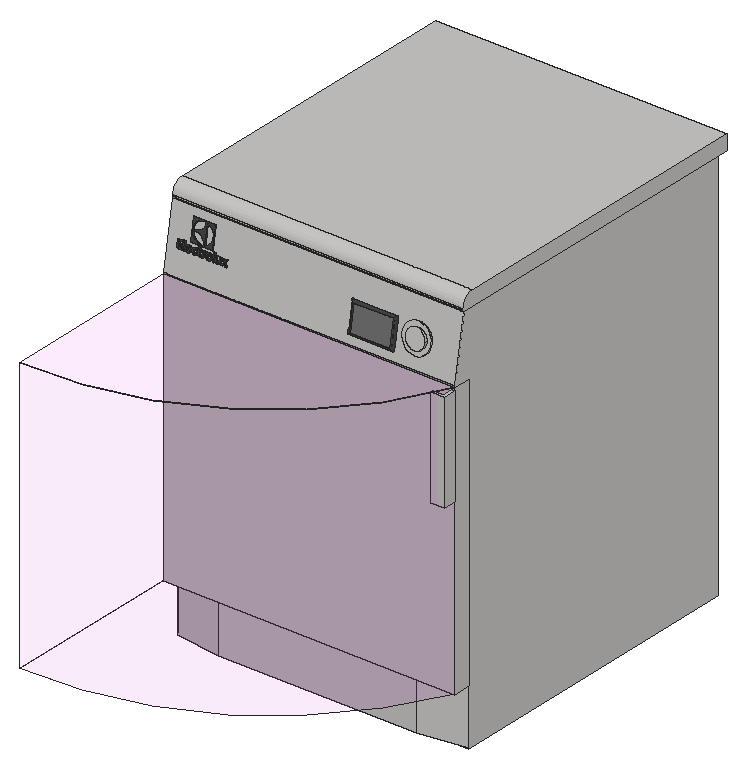
Revit family "QF_ELECTROLUXPROFESSIONAL_1LSN2X_TD6-6_E", category Attrezzature speciali, Revit 2021
Family settings
  Quota connettore circolare = Usa diametro
  Tipo di parte = Normale
  Basato su piano di lavoro = No
  Sempre verticale = Sì
  Taglio con vuoti quando caricato = No
  Condiviso = No
  Punto di calcolo locali = No
Parameters (values of type "9872130079")
  Weight = 58
  Watts = 3300 W
  Volts = 200 V
  URL = "www.electroluxprofessional.com"
  Steam Pounds per Hour = 0
  Show Logo [instance] = yes
  Show Clearance [instance] = yes
  Sensible Heat Output = "0.0"
  Prospetto di default = 0 mm
  Produttore = "Electrolux Professional"
  Phase = 3
  Modello = "TD6-6"
  Length Actual = 715 mm
  Latent Heat Output = "0.0"
  Item Number = "1LT6CF"
  Height Actual = 839 mm
  Gas KW = 0
  Descrizione = "TUMBLE DRYER TD6-6 CONDENSE 6KG/13LB SST DRUM EL 3KW 200/50/3 COMPASS PRO 6G85 SLVR/SLVR DO.LEFT REV MB XT.CON"
  Depth Actual = 597 mm
  Cycle = 50 Hz
  Corrente [instance] = "13.2"
Types (32, lengths in mm): name | Watts | Volts | Phase | Item Number | Descrizione | Cycle | Corrente
  (no name) | 3300 W | 200 V | 3 | "1LT6CF" | "TUMBLE DRYER TD6-6 CONDENSE 6KG/13LB SST DRUM EL 3KW 200/50/3 COMPASS PRO 6G85 SLVR/SLVR DO.LEFT REV MB XT.CON" | 50 Hz | "13.2"
  9872130086 | 5400 W | 200 V | 3 | "1LT6HE" | "TUMBLE DRYER TD6-6 6KG/13LB SST DRUM EL 5,1KW 200/60/3 COMPASS PRO 6G85 SLVR/SLVR DO.LEFT ELS-NETW. REV MB XT.CON" | 60 Hz | "16.0"
  9872130036 | 3500 W | 230 V | 1 | "1L0ERZ" | "TUMBLE DRYER TD6-6 MARINE 6KG/13LB SST DRUM EL 3,2KW 230/60/1N COMPASS PRO 6G81 SLVR/SLVR DO.LEFT REV MB XT.CON" | 60 Hz | "15.0"
  9872130006 | 3300 W | 230 V | 1 | "1LSN3H" | "TUMBLE DRYER TD6-6 CONDENSE 6KG/13LB SST DRUM EL 3KW 230/50/1 COMPASS PRO 6G81 SLVR/SLVR DO.LEFT REV MB XT.CON" | 50 Hz | "14.4"
  9872130083 | 3500 W | 230 V | 1 | "1LT6F1" | "TUMBLE DRYER TD6-6 6KG/13LB SST DRUM EL 3,2KW 230/50/1N COMPASS PRO 6L80 2.I/O SLVR/SLVR DO.LEFT EXT.PM. REV XT.CON" | 50 Hz | "15.0"
  9872130046 | 5400 W | 400 V | 3 | "1L0FTX" | "TUMBLE DRYER TD6-6 6KG/13LB SST DRUM EL 5,1KW 400/50/3N COMPASS PRO 6L80 2.I/O SLVR/SLVR DO.LEFT EXT.PM. REV XT.CON" | 50 Hz | "8.0"
  9872130056 | 3300 W | 400 V | 3 | "1L0GAR" | "TUMBLE DRYER TD6-6 CONDENSE 6KG/13LB SST DRUM EL 3KW 400/50/3N COMPASS PRO 6G81 SLVR/SLVR DO.LEFT REV MB XT.CON" | 50 Hz | "8.7"
  9872130003 | 3300 W | 440 V | 3 | "1LSN3E" | "TUMBLE DRYER TD6-6 MARINE CONDENSE 6KG/13LB SST DRUM EL 3KW 440/60/3 COMPASS PRO 6G81 SLVR/SLVR DO.LEFT REV MB XT.CON" | 60 Hz | "7.3"
  9872130080 | 3300 W | 400 V | 3 | "1LT6EB" | "TUMBLE DRYER TD6-6 MARINE CONDENSE 6KG/13LB SST DRUM EL 3KW 400/50/3 COMPASS PRO 6G81 SLVR/SLVR DO.LEFT REV MB XT.CON" | 50 Hz | "8.0"
  9872130090 | 3300 W | 400 V | 3 | "1LT6KC" | "TUMBLE DRYER TD6-6 CONDENSE 6KG/13LB SST DRUM EL 3KW 400/60/3N COMPASS PRO 6G81 SLVR/SLVR DO.LEFT REV MB XT.CON" | 60 Hz | "4.8"
  9872130040 | 3500 W | 230 V | 1 | "1L0ES3" | "TUMBLE DRYER TD6-6 6KG/13LB SST DRUM EL 3,2KW 230/50/1N COMPASS PRO 6G81 SLVR/SLVR DO.LEFT REV MB XT.CON" | 50 Hz | "15.0"
  9872130038 | 5400 W | 230 V | 3 | "1L0ES1" | "TUMBLE DRYER TD6-6 6KG/13LB SST DRUM EL 5,1KW 230/50/3 COMPASS PRO 6G81 SLVR/SLVR DO.LEFT REV MB XT.CON" | 50 Hz | "14.0"
  9872130085 | 5400 W | 200 V | 3 | "1LT6HD" | "TUMBLE DRYER TD6-6 6KG/13LB SST DRUM EL 5,1KW 200/50/3 COMPASS PRO 6G85 SLVR/SLVR DO.LEFT ELS-NETW. REV MB XT.CON" | 50 Hz | "16.0"
  9872130078 | 3300 W | 200 V | 3 | "1LT6CE" | "TUMBLE DRYER TD6-6 CONDENSE 6KG/13LB SST DRUM EL 3KW 200/60/3 COMPASS PRO 6G85 SLVR/SLVR DO.LEFT REV MB XT.CON" | 60 Hz | "13.2"
  9872130058 | 5400 W | 400 V | 3 | "1LSPDJ" | "TUMBLE DRYER TD6-6 6KG/13LB SST DRUM EL 5,1KW 400/50/3N COMPASS PRO 6G81 SLVR/SLVR DO.LEFT REV MB XT.CON" | 50 Hz | "8.0"
  9872130005 | 3300 W | 400 V | 3 | "1LSN3G" | "TUMBLE DRYER TD6-6 CONDENSE 6KG/13LB SST DRUM EL 3KW 400/50/3N COMPASS PRO 6L80 2.I/O SLVR/SLVR DO.LEFT EXT.PM. REV ..." | 50 Hz | "8.7"
  9872130015 | 5400 W | 400 V | 3 | "1LSN3T" | "TUMBLE DRYER TD6-6 6KG/13LB SST DRUM EL 5,1KW 400/50/3N COMPASS PRO 6A81 SLVR/SLVR DO.LEFT REV MB XT.CON" | 50 Hz | "8.0"
  9872130082 | 3500 W | 230 V | 1 | "1LT6EE" | "TUMBLE DRYER TD6-6 6KG/13LB SST DRUM EL 3,2KW 230/50/1N COMPASS PRO 6G81 SST/SLVR DO.LEFT REV MB XT.CON" | 50 Hz | "15.0"
  9872130092 | 5400 W | 230 V | 3 | "1LT6SX" | "TUMBLE DRYER TD6-6 MARINE 6KG SST DRUM EL 5,1KW 230/60/3 COMPASS PRO 6A81 SLVR/SLVR DO.LEFT REV MB XT.CON" | 60 Hz | "14.0"
  9872130002 | 3300 W | 400 V | 3 | "1LSN3D" | "TUMBLE DRYER TD6-6 CONDENSE 6KG/13LB SST DRUM EL 3KW 400/50/3N COMPASS PRO 6G81 SLVR/SLVR DO.LEFT REV MB XT.CON" | 50 Hz | "8.7"
  9872130057 | 3500 W | 230 V | 1 | "1LSPDH" | "TUMBLE DRYER TD6-6 6KG/13LB SST DRUM EL 3,2KW 230/50/1N COMPASS PRO 6G81 SLVR/SLVR DO.LEFT REV MB XT.CON" | 50 Hz | "15.0"
  9872130084 | 3500 W | 230 V | 1 | "1LT6F9" | "TUMBLE DRYER TD6-6 6KG/13LB SST DRUM EL 3,2KW 230/50/1N COMPASS PRO 6L80 2.I/O SLVR/SLVR DO.LEFT EXT.PM. REV XT.CON" | 50 Hz | "15.0"
  9872130004 | 3300 W | 400 V | 3 | "1LSN3F" | "TUMBLE DRYER TD6-6 MARINE CONDENSE 6KG/13LB SST DRUM EL 3KW 400/50/3 COMPASS PRO 6G81 SLVR/SLVR DO.LEFT REV MB XT.CON" | 50 Hz | "8.0"
  9872130014 | 5400 W | 400 V | 3 | "1LSN3S" | "TUMBLE DRYER TD6-6 6KG/13LB SST DRUM EL 5,1KW 400/50/3N COMPASS PRO 6G81 SLVR/SLVR DO.LEFT REV MB XT.CON" | 50 Hz | "8.0"
  9872130081 | 3300 W | 230 V | 3 | "1LT6EC" | "TUMBLE DRYER TD6-6 MARINE CONDENSE 6KG/13LB SST DRUM EL 3KW 230/60/3 COMPASS PRO 6G81 |-ERROR- VALUE-ID FOR PNC=9872..." | 60 Hz | "11.5"
  9872130044 | 3500 W | 230 V | 1 | "1L0FXS" | "TUMBLE DRYER TD6-6 MARINE 6KG/13LB SST DRUM EL 3,2KW 230/60/1 COMPASS PRO 6G81 SLVR/SLVR DO.LEFT REV MB XT.CON" | 60 Hz | "15.0"
  9872130001 | 3300 W | 400 V | 3 | "1LSN3C" | "TUMBLE DRYER TD6-6 CONDENSE 6KG/13LB SST DRUM EL 3KW 400/50/3N COMPASS PRO 6A81 SLVR/SLVR DO.LEFT REV MB XT.CON" | 50 Hz | "8.7"
  9872130041 | 5400 W | 440 V | 3 | "1L0ES4" | "TUMBLE DRYER TD6-6 MARINE 6KG/13LB SST DRUM EL 5,1KW 440/60/3 COMPASS PRO 6G81 SLVR/SLVR DO.LEFT REV MB XT.CON" | 60 Hz | "7.0"
  9872130089 | 3300 W | 440 V | 3 | "1LT6KA" | "TUMBLE DRYER TD6-6 MARINE CONDENSE 6KG/13LB SST DRUM EL 3KW 440/60/3 COMPASS PRO 6G81 SST/SLVR DO.LEFT REV MB XT.CON" | 60 Hz | "4.3"
  9872130039 | 5400 W | 400 V | 3 | "1L0ES2" | "TUMBLE DRYER TD6-6 MARINE 6KG/13LB SST DRUM EL 5,1KW 400/50/3 COMPASS PRO 6G81 SLVR/SLVR DO.LEFT REV MB XT.CON" | 50 Hz | "7.8"
  9872130069 | 5400 W | 400 V | 3 | "1L0H2K" | "TUMBLE DRYER TD6-6 MARINE 6KG/13LB SST DRUM EL 5,1KW 400/50/3 COMPASS PRO 6G81 SLVR/SLVR DO.LEFT REV MB XT.CON" | 50 Hz | "7.8"
  9872130079 | 3300 W | 200 V | 3 | "1LT6CF" | "TUMBLE DRYER TD6-6 CONDENSE 6KG/13LB SST DRUM EL 3KW 200/50/3 COMPASS PRO 6G85 SLVR/SLVR DO.LEFT REV MB XT.CON" | 50 Hz | "13.2"
Reference planes
  plane 1 "Center X": y = 53.8
  plane 2: z = 0
  plane 3 "Centro (Sinistra/Destra)": x = -500.5
  plane 4 "BACK": y = 414.5
  plane 5 "FRONT": y = -310.5
  plane 6 "LEFT": x = -799
  plane 7 "RIGHT": x = -202
  plane 8 "TOP": z = 839
  plane 9: z = 544
  plane 10: y = -654.04
Forms (mm)
  Extrusion 1, solid, material "QF_Finishes_Stainless Steel"
    sketch origin (718.1, -398.1, 598.796) x (0, 0, -1) y (0, 1, 0)
      loop
        line (568.796, 790.098) -> (-79.781, 790.098) -> (-79.781, 150.007) -> (568.796, 150.007) -> (568.796, 790.098)
    from -1517.1 to -920.1
  Extrusion 2, solid, material "QF_Finishes_Stainless Steel"
    sketch origin (718.1, -398.1, 534.496) x (0, 0, -1) y (0, 1, 0)
      loop
        line (-274.504, 812.6) -> (-304.504, 812.6) -> (-304.504, 161.15)
        arc (-304.504, 161.15) -> (-297.182, 143.472) -> (-279.504, 136.15) r 25
        line (-279.504, 136.15) -> (-277.385, 136.15)
        arc (-277.385, 136.15) -> (-275.348, 136.994) -> (-274.504, 139.03) r 2.881
        line (-274.504, 139.03) -> (-274.504, 812.6)
    from -1517.1 to -920.1
  Sweep 3, solid, material "QF_Finishes_Black"
    path origin (718.1, -259.961, 814.246) x (0, -0.173711, -0.984797) y (1, 0, 0)
      loop
        line (117.015, -1047.1) -> (54.21, -1047.1) -> (54.21, -1140.6) -> (117.015, -1140.6) -> (117.015, -1047.1)
    profile origin (-329, -274.833, 729.936) x (-1, 0, 0) y (0, -0.984797, 0.173711)
      loop
        line (5, 0) -> (5, 5)
        arc (5, 5) -> (1.464, 3.536) -> (0, 0) r 5
        line (0, 0) -> (5, 0)
  Extrusion 4, solid, material "QF_Finishes_Dark Grey"
    sketch origin (718.1, -259.961, 814.246) x (0, -0.173711, -0.984797) y (1, 0, 0)
      loop
        line (112.015, -1135.6) -> (112.015, -1050.6) -> (59.21, -1050.6) -> (59.21, -1135.6) -> (112.015, -1135.6)
    from 0 to 4
  Extrusion 5, solid, material "QF_Finishes_Stainless Steel"
    sketch origin (648.544, 391.998, -102.635) x (0, 0, 1) y (1, 0, 0)
      loop
        circle (803.611, -900.591) r 13.893
    from 0 to 5.231
  Extrusion 6, solid, material "QF_Finishes_Stainless Steel"
    sketch origin (676.705, 391.998, 22.818) x (0, 0, 1) y (1, 0, 0)
      loop
        circle (66.19, -1275.711) r 75
    from 0 to 5
  Extrusion 7, solid, material "QF_Finishes_Stainless Steel"
    sketch origin (-500.5, 0, 0) x (0, 1, 0) y (0, 0, 1)
      loop
        line (391.998, 678.576) -> (391.998, 809) -> (-261.597, 809) -> (-283.999, 681.951)
        arc (-283.999, 681.951) -> (-283.37, 679.603) -> (-281.168, 678.576) r 2.875
        line (-281.168, 678.576) -> (391.998, 678.576)
    from -298.5 to 298.5
  Extrusion 8, solid, material "QF_Finishes_Stainless Steel"
    sketch origin (0, 0, 1114.3) x (-1, 0, 0) y (0, -1, 0)
      loop
        line (799, -391.998) -> (799, 248.093) -> (202, 248.093) -> (202, -391.998) -> (799, -391.998)
    from -1114.3 to -1084.3
  Extrusion 9, solid, material "QF_Finishes_Stainless Steel"
    sketch origin (-500.5, -22.5, 0) x (0, 1, 0) y (0, 0, 1)
      loop
        line (-225.593, 678.576) -> (-261.54, 678.576) -> (-261.54, 115) -> (-225.593, 115) -> (-225.593, 678.576)
    from -298.5 to 298.5
  Extrusion 10, solid, material "QF_Finishes_Stainless Steel"
    sketch origin (-500.5, -283.999, 681.951) x (0, 0.173648, 0.984808) y (-1, 0, 0)
      loop
        circle (55.562, -214.058) r 30
      loop
        circle (55.562, -214.058) r 20
    from 0 to 1.6
  Extrusion 11, solid, material "QF_Finishes_Stainless Steel"
    sketch origin (-500.5, -283.999, 681.951) x (0, 0.173648, 0.984808) y (-1, 0, 0)
      loop
        circle (55.562, -214.058) r 20
    from 0 to 4.981
  Extrusion 12, solid, material "QF_Finishes_Stainless Steel"
    sketch origin (0, 0, 0) x (1, 0, 0) y (0, 1, 0)
      loop
        line (-799, -248.093) -> (-703.605, -261.5) -> (-297.395, -261.5) -> (-202, -248.093) -> (-799, -248.093)
    from 0 to 115
  Extrusion 13, solid, material "QF_Finishes_Stainless Steel"
    sketch origin (0, 0, 0) x (1, 0, 0) y (0, 1, 0)
      loop
        line (-202, -284.04) -> (-207, -284.04) -> (-207, -305.5) -> (-229.5, -305.5) -> (-229.5, -310.5) -> (-202, -310.5) -> (-202, -284.04)
    from 469.719 to 673.137
  Extrusion 14, solid, material "QF_Door-Drawer Clearances"
    sketch origin (0, 0, 0) x (1, 0, 0) y (0, 1, 0)
      loop
        line (-799, -284.04) -> (-799, -654.04)
        arc (-799, -654.04) -> (-441.815, -563.729) -> (-202, -284.04) r 609.237
        line (-202, -284.04) -> (-799, -284.04)
    from 115 to 678.576
Cuts and joins
  joined: Extrusion 1, Extrusion 7, Extrusion 8
Lines and regions (mm)
  Split face 1
    outline origin (-500.5, -283.999, 681.951) x (0, 0.173648, 0.984808) y (-1, 0, 0)
      loop
        arc (119.362, 284.173) -> (117.8, 287.943) -> (114.03, 289.504) r 5.331
        line (114.03, 289.504) -> (17.288, 289.504)
        arc (17.288, 289.504) -> (13.4, 287.894) -> (11.79, 284.007) r 5.497
        line (11.79, 284.007) -> (11.79, -280.723)
        arc (11.79, -280.723) -> (13.4, -284.61) -> (17.288, -286.22) r 5.497
        line (17.288, -286.22) -> (113.864, -286.22)
        arc (113.864, -286.22) -> (117.751, -284.61) -> (119.362, -280.723) r 5.497
        line (119.362, -280.723) -> (119.362, 284.173)
  Split face 2
    outline origin (-500.5, -283.999, 681.951) x (0, 0.173648, 0.984808) y (-1, 0, 0)
      loop
        line (89.073, -286.22) -> (89.073, -66.147)
        arc (89.073, -66.147) -> (86.789, -54.666) -> (80.286, -44.933) r 30
        line (80.286, -44.933) -> (15.962, 17.721)
        arc (15.962, 17.721) -> (14.3, 18.334) -> (12.732, 17.509) r 2.178
        arc (12.732, 17.509) -> (12.032, 16.231) -> (11.79, 14.794) r 4.384
  Split face 3
    outline origin (-500.5, -283.999, 681.951) x (0, 0.173648, 0.984808) y (-1, 0, 0)
      loop
        line (41.371, 289.504) -> (41.371, 11.408)
        arc (41.371, 11.408) -> (43.274, 1.841) -> (48.693, -6.27) r 25
        line (48.693, -6.27) -> (83.821, -41.398)
        arc (83.821, -41.398) -> (91.408, -52.753) -> (94.073, -66.147) r 35
        line (94.073, -66.147) -> (94.073, -286.22)
  Split face 4
    outline origin (-500.5, -283.999, 681.951) x (0, 0.173648, 0.984808) y (-1, 0, 0)
      loop
        line (48.371, 289.504) -> (48.371, 24.83)
        arc (48.371, 24.83) -> (50.128, 15.994) -> (55.133, 8.504) r 23.088
        line (55.133, 8.504) -> (94.428, -30.791)
        arc (94.428, -30.791) -> (105.267, -47.012) -> (109.073, -66.147) r 50
        line (109.073, -66.147) -> (109.073, -286.22)
  symbolic lines
    curve 1: line (-202, 414.5, 839) -> (-799, 414.5, 839)
    curve 2: line (-799, -284.04, 839) -> (-202, -284.04, 839)
    curve 3: line (-202, 414.5, 0) -> (-202, -284.04, 0)
    curve 4: line (-799, 414.5, 0) -> (-799, -284.04, 0)
    curve 5: line (-207, -284.04, 0) -> (-207, -305.5, 0)
    curve 6: line (-202, -310.5, 0) -> (-202, -284.04, 0)
    curve 7: line (-229.5, -310.5, 0) -> (-202, -310.5, 0)
    curve 8: line (-229.5, -305.5, 0) -> (-229.5, -310.5, 0)
    curve 9: line (-207, -305.5, 0) -> (-229.5, -305.5, 0)
  symbolic lines, style "QF_Door-Drawer Clearances"
    curve 10: line (-799, -284.04, 0) -> (-799, -654.04, 0)
    curve 11: arc (-799, -654.04, 0) -> (-441.815, -563.729, 0) -> (-202, -284.04, 0) r 609.237
Dimensions and locks
  equal spacing: plane 6 "LEFT", plane 3 "Centro (Sinistra/Destra)", plane 7 "RIGHT"
  plane 6 "LEFT" to plane 7 "RIGHT" = 597 mm  (x2)
  plane 4 "BACK" to plane 5 "FRONT" = 725 mm  (x2)
  plane 4 "BACK" to plane 1 "Center X" to plane 5 "FRONT" = 360.7 mm, 364.3 mm
  plane 8 "TOP" to level = 839 mm
  Extrusion 9 to plane 10 = 370 mm
  aligned and locked: level to plane 2
  aligned and locked: Extrusion 1 to plane 6 "LEFT"
  aligned and locked: plane 7 "RIGHT" to Extrusion 1
  aligned and locked: Extrusion 2 to plane 6 "LEFT"
  aligned and locked: plane 7 "RIGHT" to Extrusion 2
  aligned and locked: plane 7 "RIGHT" to Extrusion 7
  aligned and locked: Extrusion 7 to plane 6 "LEFT"
  aligned and locked: Extrusion 9 to plane 6 "LEFT"
  aligned and locked: plane 7 "RIGHT" to Extrusion 9
  aligned and locked: plane 4 "BACK" to Extrusion 2
Automatic sketch dimensions
  Extrusion 1 sketch curve to plane 4 "BACK" = 22.502 mm
  Extrusion 1 sketch curve to plane 8 "TOP" = 160.424 mm
  level to Extrusion 1 sketch curve = 30 mm
  plane 5 "FRONT" to Extrusion 1 sketch curve = 62.407 mm
  Extrusion 2 sketch curve to plane 8 "TOP" = 0 mm
  Extrusion 2 sketch curve to plane 8 "TOP" = 25 mm
  Extrusion 2 sketch curve to Extrusion 2 sketch curve = 2.119 mm
  Extrusion 2 sketch curve to Extrusion 2 sketch curve = 2.881 mm
  plane 5 "FRONT" to Extrusion 2 sketch curve = 48.55 mm
  Extrusion 2 sketch curve to plane 4 "BACK" = 0 mm
  Sweep 3 sketch curve to plane 7 "RIGHT" = 127 mm
  Sweep 3 sketch curve to Sweep 3 sketch curve = 62.805 mm
  plane 3 "Centro (Sinistra/Destra)" to Sweep 3 sketch curve = 78 mm
  Sweep 3 sketch curve to profile plane = 0 mm
  profile plane to Sweep 3 sketch curve = 0 mm
  Sweep 3 sketch curve to profile plane = 5 mm
  plane 3 "Centro (Sinistra/Destra)" to Extrusion 4 sketch curve = 83 mm
  Extrusion 4 sketch curve to Extrusion 4 sketch curve = 52.805 mm
  Extrusion 4 sketch curve to Extrusion 4 sketch curve = 85 mm
  Extrusion 1 to Extrusion 5 sketch curve = 50.047 mm
  Extrusion 5 sketch curve to Extrusion 1 = 22.4 mm
  plane 5 "FRONT" to Extrusion 7 sketch curve = 26.501 mm
  Extrusion 7 sketch curve to Extrusion 7 sketch curve = 2.831 mm
  Extrusion 7 sketch curve to plane 8 "TOP" = 30 mm
  plane 5 "FRONT" to Extrusion 7 sketch curve = 48.903 mm
  Extrusion 7 sketch curve to plane 4 "BACK" = 22.502 mm
  Extrusion 7 sketch curve to Extrusion 7 sketch curve = 127.049 mm
  Extrusion 7 sketch curve to Extrusion 7 sketch curve = 0.499 mm
  Extrusion 8 sketch curve to plane 7 "RIGHT" = 0 mm
  Extrusion 8 sketch curve to plane 6 "LEFT" = 0 mm
  Extrusion 8 sketch curve to plane 4 "BACK" = 22.502 mm
  plane 5 "FRONT" to Extrusion 8 sketch curve = 62.407 mm
  plane 5 "FRONT" to Extrusion 9 sketch curve = 26.46 mm
  Extrusion 9 sketch curve to Extrusion 9 sketch curve = 35.947 mm
  level to Extrusion 9 sketch curve = 115 mm
  Extrusion 9 sketch curve to plane 8 "TOP" = 160.424 mm
  Extrusion 10 sketch curve to Extrusion 10 sketch curve = 0 mm  (x2)
  Extrusion 10 sketch curve to Extrusion 7 = 55.562 mm
  Extrusion 7 to Extrusion 10 sketch curve = 84.442 mm
  Extrusion 11 sketch curve to Extrusion 11 sketch curve = 0 mm  (x2)
  Extrusion 11 sketch curve to Extrusion 7 = 55.562 mm
  Extrusion 7 to Extrusion 11 sketch curve = 84.442 mm
  Extrusion 11 sketch curve to Extrusion 11 sketch curve = 20 mm
  Split face 1 sketch curve to Extrusion 7 = 11.79 mm
  Split face 1 sketch curve to Split face 1 sketch curve = 5.497 mm  (x3)
  Extrusion 7 to Split face 1 sketch curve = 15.145 mm
  Extrusion 7 to Split face 1 sketch curve = 14.979 mm
  Split face 1 sketch curve to Extrusion 7 = 12.28 mm
  Split face 1 sketch curve to Extrusion 7 = 14.493 mm
  Split face 2 sketch curve to Extrusion 7 = 14.442 mm
  Split face 2 sketch curve to Split face 2 sketch curve = 1.52 mm
  Split face 2 sketch curve to Split face 2 sketch curve = 1.732 mm
  Split face 2 sketch curve to Extrusion 7 = 59.073 mm
  Split face 2 sketch curve to Split face 2 sketch curve = 21.213 mm
  Split face 2 sketch curve to Split face 2 sketch curve = 8.787 mm
  Split face 2 sketch curve to Extrusion 7 = 232.353 mm
  Split face 2 sketch curve to Split face 2 sketch curve = 59.728 mm
  Split face 2 sketch curve to Split face 2 sketch curve = 1.366 mm
  Split face 2 sketch curve to Split face 2 sketch curve = 1.56 mm
  Split face 2 sketch curve to Split face 2 sketch curve = 0 mm
  Split face 2 sketch curve to Extrusion 7 = 12.28 mm
  Split face 3 sketch curve to Extrusion 7 = 41.371 mm
  Split face 3 sketch curve to Split face 3 sketch curve = 7.322 mm
  Split face 3 sketch curve to Extrusion 7 = 59.073 mm
  Split face 3 sketch curve to Split face 3 sketch curve = 17.678 mm
  Split face 3 sketch curve to Split face 3 sketch curve = 24.749 mm
  Split face 3 sketch curve to Split face 3 sketch curve = 10.251 mm
  Split face 3 sketch curve to Extrusion 7 = 232.353 mm
  Split face 3 sketch curve to Split face 3 sketch curve = 35.128 mm
  Split face 3 sketch curve to Extrusion 7 = 12.28 mm
  Split face 3 sketch curve to Extrusion 7 = 8.996 mm
  Split face 4 sketch curve to Extrusion 7 = 48.371 mm
  Split face 4 sketch curve to Split face 4 sketch curve = 6.762 mm
  Split face 4 sketch curve to Extrusion 7 = 59.073 mm
  Split face 4 sketch curve to Split face 4 sketch curve = 23.088 mm
  Extrusion 7 to Split face 4 sketch curve = 34.581 mm
  Extrusion 7 to Split face 4 sketch curve = 19.937 mm
  Split face 4 sketch curve to Extrusion 7 = 232.353 mm
  Split face 4 sketch curve to Split face 4 sketch curve = 39.295 mm
  Split face 4 sketch curve to Extrusion 7 = 12.28 mm
  Split face 4 sketch curve to Extrusion 7 = 8.996 mm
  Extrusion 12 sketch curve to plane 6 "LEFT" = 0 mm
  Extrusion 12 sketch curve to plane 7 "RIGHT" = 0 mm
  plane 5 "FRONT" to Extrusion 12 sketch curve = 62.407 mm
  plane 6 "LEFT" to Extrusion 12 sketch curve = 95.395 mm
  Extrusion 12 sketch curve to plane 7 "RIGHT" = 95.395 mm
  plane 5 "FRONT" to Extrusion 12 sketch curve = 49 mm
  level to Extrusion 6 sketch curve = 89.008 mm
  plane 6 "LEFT" to Extrusion 6 sketch curve = 199.995 mm
  curve 4 to plane 6 "LEFT" = 0 mm
  plane 5 "FRONT" to curve 4 = 26.46 mm
  curve 4 to plane 4 "BACK" = 0 mm
  curve 3 to plane 4 "BACK" = 0 mm
  Extrusion 13 sketch curve to plane 5 "FRONT" = 0 mm
  Extrusion 13 sketch curve to plane 7 "RIGHT" = 0 mm
  Extrusion 13 sketch curve to plane 7 "RIGHT" = 5 mm
  Extrusion 13 sketch curve to Extrusion 13 sketch curve = 22.5 mm
  plane 5 "FRONT" to Extrusion 13 sketch curve = 5 mm
  Extrusion 13 sketch curve to Extrusion 13 sketch curve = 21.46 mm
  curve 7 to plane 5 "FRONT" = 0 mm
  curve 6 to plane 7 "RIGHT" = 0 mm
  curve 7 to plane 7 "RIGHT" = 27.5 mm
  curve 5 to plane 7 "RIGHT" = 5 mm
  plane 5 "FRONT" to curve 5 = 5 mm
  curve 5 to curve 6 = 21.46 mm
  curve 5 to curve 6 = 0 mm
  curve 2 to plane 7 "RIGHT" = 0 mm
  curve 1 to plane 4 "BACK" = 0 mm
  curve 1 to plane 7 "RIGHT" = 0 mm
  curve 2 to plane 6 "LEFT" = 0 mm
  curve 1 to plane 6 "LEFT" = 0 mm
  plane 5 "FRONT" to curve 2 = 26.46 mm
  Extrusion 14 sketch curve to plane 6 "LEFT" = 0 mm
  Extrusion 14 sketch curve to plane 7 "RIGHT" = 0 mm
  Extrusion 14 sketch curve to plane 10 = 0 mm
  plane 6 "LEFT" to Extrusion 14 sketch curve = 36.241 mm
  plane 5 "FRONT" to Extrusion 14 sketch curve = 26.46 mm
  curve 10 to plane 10 = 0 mm
  plane 6 "LEFT" to curve 11 = 36.241 mm
  radius of Extrusion 5 sketch curve = 13.893 mm
  radius of Extrusion 10 sketch curve = 30 mm
  radius of Extrusion 10 sketch curve = 20 mm
  radius of Extrusion 6 sketch curve = 75 mm
Nested families
  nested 1: "ELX_Logo_S_New" at (-742.5, -274.436, 736.185) x (1, 0, 0) z (0, -0.9848, 0.1736), type "ELX_Logo_S_New"
    with Material QF_Finishes_Black
  nested 2: "ELX_Logo_Symbol_S" at (-722.5, -266.894, 778.959) x (-1, 0, 0) z (0, -0.9848, 0.1736), type "ELX_Logo_Symbol_S"
    with Material QF_Finishes_Black
Connectors
  piping at (-599.005, 396.998, 89.008), diameter 150
    settings: on Extrusion 6, index 3, connector inside diameter 609.6 mm, connector length 0 mm, flow factor 0, pipe flow 0.0 L/s, pressure drop 0.0 Pa, fitting loss kfactor 0, connector angle 0.00°, fixture units 0, engagement length 0 mm, angle of deflection 0.00°, flow configuration 1, flow direction 2, fitting loss method 0, system type 8, joint type 0, gender type 0, connector reference index -1, connector utility 0, adjustable connector no, is connector primary yes, connector description "Exhaust Connection"
  electrical at (-252.047, 397.229, 700.976)
    settings: on Extrusion 5, index 4, voltage 0 V, apparent load 0 VA, apparent load phase1 0 VA, apparent load phase2 0 VA, apparent load phase3 0 VA, power factor 1, load classification "Other", number of poles 1, system type 30, power factor state 1, is connector primary yes, connector utility no, sub classification motor no, connector description "Electrical Connection"
Definition of nested family "ELX_Logo_S_New"
  Parameters
    Material [instance] = none
    Default Elevation = 0 mm
  Reference planes
    plane 1 "Centro (Fronte/Retro)": y = 0
    plane 2: z = 0
    plane 3 "Centro (Sinistra/Destra)": x = 0
  Forms (mm)
    Extrusion 1, solid
      sketch origin (0, 0, 0) x (1, 0, 0) y (0, 1, 0)
        loop
          line (-1219.2, 1219.2) -> (-1219.2, -1219.2) -> (1219.2, -1219.2) -> (1219.2, 1219.2) -> (-1219.2, 1219.2)
      from 0 to -304.8
    Extrusion 2, solid, material <- "Material"
      sketch origin (0, 0, 0) x (1, 0, 0) y (0, 1, 0)
        loop
          spline (-31.006, -2.781) -> (-31.24, -2.771) -> (-31.49, -2.739) -> (-31.748, -2.68) -> (-32.009, -2.591) -> (-32.264, -2.469) -> (-32.508, -2.308) -> (-32.732, -2.105) -> (-32.932, -1.857) -> (-33.099, -1.559) -> (-33.226, -1.207) -> (-33.308, -0.798) -> (-33.337, -0.327)
          line (-33.337, -0.327) -> (-33.337, 1.761) -> (-26.444, 1.761) -> (-26.444, 4.423) -> (-33.338, 4.423) -> (-33.338, 8.299) -> (-26.005, 8.299) -> (-26.005, 10.954) -> (-36.159, 10.954) -> (-36.159, -0.206)
          spline (-36.159, -0.206) -> (-36.134, -0.893) -> (-36.057, -1.54) -> (-35.927, -2.145) -> (-35.743, -2.707) -> (-35.503, -3.222) -> (-35.206, -3.689) -> (-34.85, -4.106) -> (-34.433, -4.47) -> (-33.955, -4.779) -> (-33.414, -5.031) -> (-32.809, -5.223) -> (-32.137, -5.354)
          line (-32.137, -5.354) -> (-31.029, -5.433) -> (-25.809, -5.433) -> (-25.809, -2.781) -> (-31.006, -2.781)
        loop
          line (-23.804, 3.211) -> (-23.804, -5.437) -> (-20.982, -5.437) -> (-20.982, 10.958) -> (-23.804, 10.958) -> (-23.804, 3.211)
        loop
          spline (-7.052, -0.2) -> (-7.034, 0.688) -> (-7.119, 1.546) -> (-7.304, 2.368) -> (-7.586, 3.144) -> (-7.962, 3.868) -> (-8.426, 4.531) -> (-8.977, 5.126) -> (-9.61, 5.644) -> (-10.321, 6.077) -> (-11.107, 6.419) -> (-11.964, 6.66) -> (-12.889, 6.793)
          spline (-12.889, 6.793) -> (-13.767, 6.742) -> (-14.602, 6.592) -> (-15.387, 6.346) -> (-16.116, 6.008) -> (-16.782, 5.583) -> (-17.379, 5.073) -> (-17.902, 4.483) -> (-18.343, 3.816) -> (-18.697, 3.077) -> (-18.958, 2.269) -> (-19.119, 1.395) -> (-19.174, 0.46)
          spline (-19.174, 0.46) -> (-19.121, -0.452) -> (-18.964, -1.304) -> (-18.71, -2.094) -> (-18.362, -2.816) -> (-17.926, -3.468) -> (-17.406, -4.045) -> (-16.808, -4.544) -> (-16.137, -4.96) -> (-15.397, -5.291) -> (-14.594, -5.532) -> (-13.733, -5.679) -> (-12.817, -5.729)
          spline (-12.817, -5.729) -> (-12.371, -5.719) -> (-11.93, -5.685) -> (-11.493, -5.626) -> (-11.062, -5.54) -> (-10.636, -5.425) -> (-10.216, -5.277) -> (-9.8, -5.096) -> (-9.391, -4.879) -> (-8.987, -4.623) -> (-8.588, -4.326) -> (-8.196, -3.987) -> (-7.809, -3.603)
          line (-7.809, -3.603) -> (-9.51, -1.949)
          spline (-9.51, -1.949) -> (-9.734, -2.164) -> (-9.959, -2.362) -> (-10.188, -2.542) -> (-10.422, -2.703) -> (-10.662, -2.846) -> (-10.913, -2.971) -> (-11.174, -3.077) -> (-11.449, -3.163) -> (-11.739, -3.231) -> (-12.047, -3.28) -> (-12.374, -3.309) -> (-12.723, -3.319)
          spline (-12.723, -3.319) -> (-13.234, -3.294) -> (-13.713, -3.219) -> (-14.158, -3.098) -> (-14.568, -2.931) -> (-14.94, -2.72) -> (-15.272, -2.469) -> (-15.562, -2.177) -> (-15.809, -1.849) -> (-16.009, -1.485) -> (-16.162, -1.088) -> (-16.264, -0.659) -> (-16.314, -0.2)
          line (-16.314, -0.2) -> (-7.052, -0.2)
        loop
          spline (-9.888, 1.784) -> (-9.915, 2.133) -> (-9.995, 2.469) -> (-10.124, 2.788) -> (-10.298, 3.088) -> (-10.514, 3.365) -> (-10.768, 3.615) -> (-11.056, 3.836) -> (-11.376, 4.024) -> (-11.722, 4.176) -> (-12.092, 4.289) -> (-12.482, 4.359) -> (-12.889, 4.383)
          spline (-12.889, 4.383) -> (-13.325, 4.36) -> (-13.744, 4.291) -> (-14.144, 4.18) -> (-14.52, 4.03) -> (-14.868, 3.844) -> (-15.186, 3.624) -> (-15.469, 3.375) -> (-15.715, 3.099) -> (-15.919, 2.798) -> (-16.077, 2.477) -> (-16.186, 2.138) -> (-16.243, 1.784)
          line (-16.243, 1.784) -> (-9.888, 1.784)
        loop
          spline (-2.737, 0.532) -> (-2.704, 1.057) -> (-2.61, 1.555) -> (-2.457, 2.022) -> (-2.249, 2.455) -> (-1.991, 2.851) -> (-1.685, 3.205) -> (-1.336, 3.514) -> (-0.948, 3.775) -> (-0.524, 3.984) -> (-0.067, 4.138) -> (0.417, 4.233) -> (0.926, 4.265)
          spline (0.926, 4.265) -> (1.238, 4.255) -> (1.537, 4.226) -> (1.824, 4.178) -> (2.098, 4.112) -> (2.362, 4.027) -> (2.615, 3.925) -> (2.858, 3.806) -> (3.093, 3.67) -> (3.318, 3.518) -> (3.536, 3.349) -> (3.746, 3.165) -> (3.95, 2.966)
          line (3.95, 2.966) -> (5.699, 4.785)
          spline (5.699, 4.785) -> (5.351, 5.133) -> (4.992, 5.446) -> (4.624, 5.724) -> (4.246, 5.969) -> (3.859, 6.181) -> (3.463, 6.362) -> (3.059, 6.512) -> (2.646, 6.633) -> (2.226, 6.725) -> (1.8, 6.79) -> (1.366, 6.828) -> (0.926, 6.841)
          spline (0.926, 6.841) -> (0.044, 6.786) -> (-0.801, 6.626) -> (-1.601, 6.367) -> (-2.349, 6.014) -> (-3.037, 5.573) -> (-3.658, 5.051) -> (-4.204, 4.453) -> (-4.668, 3.785) -> (-5.041, 3.053) -> (-5.318, 2.263) -> (-5.489, 1.421) -> (-5.548, 0.532)
          spline (-5.548, 0.532) -> (-5.489, -0.357) -> (-5.318, -1.199) -> (-5.041, -1.989) -> (-4.668, -2.721) -> (-4.204, -3.389) -> (-3.658, -3.987) -> (-3.037, -4.509) -> (-2.349, -4.95) -> (-1.601, -5.303) -> (-0.801, -5.562) -> (0.044, -5.722) -> (0.926, -5.777)
          spline (0.926, -5.777) -> (1.366, -5.764) -> (1.8, -5.726) -> (2.226, -5.662) -> (2.646, -5.569) -> (3.059, -5.449) -> (3.463, -5.298) -> (3.859, -5.117) -> (4.246, -4.905) -> (4.624, -4.66) -> (4.992, -4.382) -> (5.351, -4.069) -> (5.699, -3.721)
          line (5.699, -3.721) -> (3.95, -1.902)
          spline (3.95, -1.902) -> (3.746, -2.101) -> (3.536, -2.285) -> (3.318, -2.453) -> (3.093, -2.606) -> (2.858, -2.742) -> (2.615, -2.861) -> (2.362, -2.964) -> (2.098, -3.048) -> (1.824, -3.114) -> (1.537, -3.162) -> (1.238, -3.191) -> (0.926, -3.201)
          spline (0.926, -3.201) -> (0.417, -3.169) -> (-0.067, -3.074) -> (-0.524, -2.92) -> (-0.948, -2.711) -> (-1.336, -2.45) -> (-1.685, -2.141) -> (-1.991, -1.787) -> (-2.249, -1.391) -> (-2.457, -0.958) -> (-2.61, -0.491) -> (-2.704, 0.007) -> (-2.737, 0.532)
        loop
          spline (12.895, -2.785) -> (12.646, -2.789) -> (12.379, -2.77) -> (12.102, -2.724) -> (11.82, -2.646) -> (11.542, -2.531) -> (11.274, -2.376) -> (11.024, -2.175) -> (10.797, -1.924) -> (10.602, -1.618) -> (10.445, -1.253) -> (10.334, -0.824) -> (10.275, -0.327)
          line (10.275, -0.327) -> (10.275, 3.855) -> (12.842, 3.855) -> (12.842, 6.419) -> (10.278, 6.419) -> (10.278, 10.958) -> (7.456, 10.958) -> (7.456, -0.488)
          spline (7.456, -0.488) -> (7.516, -1.152) -> (7.626, -1.776) -> (7.785, -2.359) -> (7.996, -2.899) -> (8.26, -3.392) -> (8.577, -3.837) -> (8.951, -4.232) -> (9.38, -4.575) -> (9.868, -4.864) -> (10.415, -5.096) -> (11.023, -5.27) -> (11.693, -5.383)
          line (11.693, -5.383) -> (12.885, -5.437) -> (12.895, -2.785)
        loop
          spline (22.391, 6.583) -> (21.903, 6.613) -> (21.433, 6.605) -> (20.982, 6.558) -> (20.553, 6.476) -> (20.145, 6.358) -> (19.76, 6.207) -> (19.401, 6.022) -> (19.067, 5.807) -> (18.76, 5.561) -> (18.482, 5.286) -> (18.234, 4.984) -> (18.016, 4.655)
          line (18.016, 4.655) -> (18.016, 6.418) -> (15.217, 6.418) -> (15.217, -5.437) -> (18.016, -5.437) -> (18.016, 0.797)
          spline (18.016, 0.797) -> (18.042, 1.269) -> (18.118, 1.71) -> (18.242, 2.117) -> (18.412, 2.488) -> (18.627, 2.822) -> (18.884, 3.117) -> (19.182, 3.371) -> (19.518, 3.583) -> (19.892, 3.751) -> (20.3, 3.873) -> (20.742, 3.947) -> (21.215, 3.972)
          line (21.215, 3.972) -> (22.391, 3.855) -> (22.391, 6.583)
        loop
          spline (35.761, 0.49) -> (35.702, 1.36) -> (35.53, 2.189) -> (35.253, 2.971) -> (34.878, 3.698) -> (34.414, 4.364) -> (33.867, 4.963) -> (33.246, 5.488) -> (32.558, 5.932) -> (31.811, 6.289) -> (31.013, 6.552) -> (30.171, 6.715) -> (29.293, 6.771)
          spline (29.293, 6.771) -> (28.409, 6.715) -> (27.564, 6.552) -> (26.763, 6.289) -> (26.016, 5.932) -> (25.328, 5.488) -> (24.708, 4.963) -> (24.163, 4.364) -> (23.701, 3.698) -> (23.328, 2.971) -> (23.053, 2.189) -> (22.882, 1.36) -> (22.823, 0.49)
          spline (22.823, 0.49) -> (22.882, -0.379) -> (23.053, -1.208) -> (23.328, -1.989) -> (23.701, -2.716) -> (24.163, -3.382) -> (24.708, -3.981) -> (25.328, -4.506) -> (26.016, -4.951) -> (26.763, -5.308) -> (27.564, -5.571) -> (28.409, -5.734) -> (29.293, -5.79)
          spline (29.293, -5.79) -> (30.171, -5.734) -> (31.013, -5.571) -> (31.811, -5.308) -> (32.558, -4.951) -> (33.246, -4.506) -> (33.867, -3.981) -> (34.414, -3.382) -> (34.878, -2.716) -> (35.253, -1.989) -> (35.53, -1.208) -> (35.702, -0.379) -> (35.761, 0.49)
        loop
          spline (32.961, 0.49) -> (32.929, 1.004) -> (32.833, 1.493) -> (32.679, 1.955) -> (32.47, 2.385) -> (32.21, 2.779) -> (31.903, 3.134) -> (31.553, 3.445) -> (31.164, 3.709) -> (30.739, 3.921) -> (30.283, 4.077) -> (29.8, 4.174) -> (29.293, 4.207)
          spline (29.293, 4.207) -> (28.781, 4.174) -> (28.294, 4.077) -> (27.836, 3.921) -> (27.411, 3.709) -> (27.022, 3.445) -> (26.673, 3.134) -> (26.368, 2.779) -> (26.11, 2.385) -> (25.903, 1.955) -> (25.75, 1.493) -> (25.656, 1.004) -> (25.624, 0.49)
          spline (25.624, 0.49) -> (25.656, -0.022) -> (25.75, -0.512) -> (25.903, -0.973) -> (26.11, -1.403) -> (26.368, -1.798) -> (26.673, -2.153) -> (27.022, -2.464) -> (27.411, -2.728) -> (27.836, -2.94) -> (28.294, -3.096) -> (28.781, -3.193) -> (29.293, -3.226)
          spline (29.293, -3.226) -> (29.8, -3.193) -> (30.283, -3.096) -> (30.739, -2.94) -> (31.164, -2.728) -> (31.553, -2.464) -> (31.903, -2.153) -> (32.21, -1.798) -> (32.47, -1.403) -> (32.679, -0.973) -> (32.833, -0.512) -> (32.929, -0.022) -> (32.961, 0.49)
        loop
          line (37.497, 3.493) -> (37.497, -5.437) -> (40.321, -5.437) -> (40.321, 10.958) -> (37.497, 10.958) -> (37.497, 3.493)
        loop
          line (50.501, 6.418) -> (50.501, -0.473)
          spline (50.501, -0.473) -> (50.478, -0.921) -> (50.412, -1.325) -> (50.305, -1.686) -> (50.159, -2.005) -> (49.978, -2.282) -> (49.763, -2.52) -> (49.517, -2.718) -> (49.243, -2.878) -> (48.943, -3.001) -> (48.619, -3.087) -> (48.275, -3.139) -> (47.913, -3.155)
          spline (47.913, -3.155) -> (47.55, -3.139) -> (47.206, -3.088) -> (46.883, -3.001) -> (46.583, -2.879) -> (46.309, -2.72) -> (46.063, -2.523) -> (45.849, -2.287) -> (45.667, -2.012) -> (45.522, -1.696) -> (45.414, -1.339) -> (45.348, -0.94) -> (45.326, -0.498)
          line (45.326, -0.498) -> (45.326, 6.418) -> (42.479, 6.418) -> (42.479, -0.733)
          spline (42.479, -0.733) -> (42.53, -1.543) -> (42.676, -2.28) -> (42.911, -2.945) -> (43.228, -3.537) -> (43.621, -4.058) -> (44.082, -4.508) -> (44.604, -4.888) -> (45.18, -5.197) -> (45.804, -5.437) -> (46.468, -5.607) -> (47.165, -5.709) -> (47.89, -5.743)
          spline (47.89, -5.743) -> (48.62, -5.709) -> (49.323, -5.605) -> (49.993, -5.432) -> (50.621, -5.189) -> (51.203, -4.875) -> (51.729, -4.491) -> (52.194, -4.034) -> (52.59, -3.506) -> (52.91, -2.905) -> (53.147, -2.231) -> (53.295, -1.484) -> (53.346, -0.662)
          line (53.346, -0.662) -> (53.346, 6.418) -> (50.501, 6.418)
        loop
          line (64.026, -1.646) -> (62.246, 0.843) -> (64.45, 3.846) -> (66.338, 6.418) -> (63.257, 6.418) -> (60.692, 2.866) -> (58.105, 6.418) -> (55.047, 6.418) -> (56.801, 4.02) -> (59.14, 0.82) -> (56.689, -2.595) -> (54.647, -5.437) -> (57.682, -5.437) -> (60.692, -1.25) -> (63.703, -5.437) -> (66.738, -5.437) -> (64.026, -1.646)
      from 0 to 1.644
  Dimensions and locks
    aligned and locked: plane 2 to Extrusion 1
    aligned and locked: level to Extrusion 1
Definition of nested family "ELX_Logo_Symbol_S"
  Parameters
    Material [instance] = none
    Default Elevation = 0 mm
  Reference planes
    plane 1 "Centro (Fronte/Retro)": y = 0
    plane 2: z = 0
    plane 3 "Centro (Sinistra/Destra)": x = 0
  Forms (mm)
    Extrusion 1, solid
      sketch origin (0, 0, 0) x (1, 0, 0) y (0, 1, 0)
        loop
          line (-1219.2, 1219.2) -> (-1219.2, -1219.2) -> (1219.2, -1219.2) -> (1219.2, 1219.2) -> (-1219.2, 1219.2)
      from 0 to -304.8
    Extrusion 2, solid, material <- "Material"
      sketch origin (94.462, 558.781, 0) x (1, 0, 0) y (0, 1, 0)
        loop
          line (-92.971, -571.574) -> (-92.971, -531.14)
          arc (-92.971, -531.14) -> (-107.917, -551.357) -> (-92.971, -571.574) r 21.146
        loop
          arc (-90.914, -571.574) -> (-74.098, -567.752) -> (-65.997, -552.529) r 20.723
          line (-65.997, -552.529) -> (-72.686, -552.529)
          arc (-72.686, -552.529) -> (-84.636, -557.38) -> (-90.914, -568.646) r 19.424
          line (-90.914, -568.646) -> (-90.914, -571.574)
        loop
          arc (-90.914, -534.068) -> (-84.636, -545.334) -> (-72.686, -550.185) r 19.424
          line (-72.686, -550.185) -> (-65.997, -550.185)
          arc (-65.997, -550.185) -> (-74.085, -534.837) -> (-90.914, -530.621) r 21.265
          line (-90.914, -530.621) -> (-90.914, -534.068)
        loop
          line (-64.462, -573.781) -> (-64.462, -528.842) -> (-109.462, -528.842) -> (-109.462, -573.781) -> (-64.462, -573.781)
      from 0 to 1.644
  Dimensions and locks
    aligned and locked: plane 2 to Extrusion 1
    aligned and locked: level to Extrusion 1
